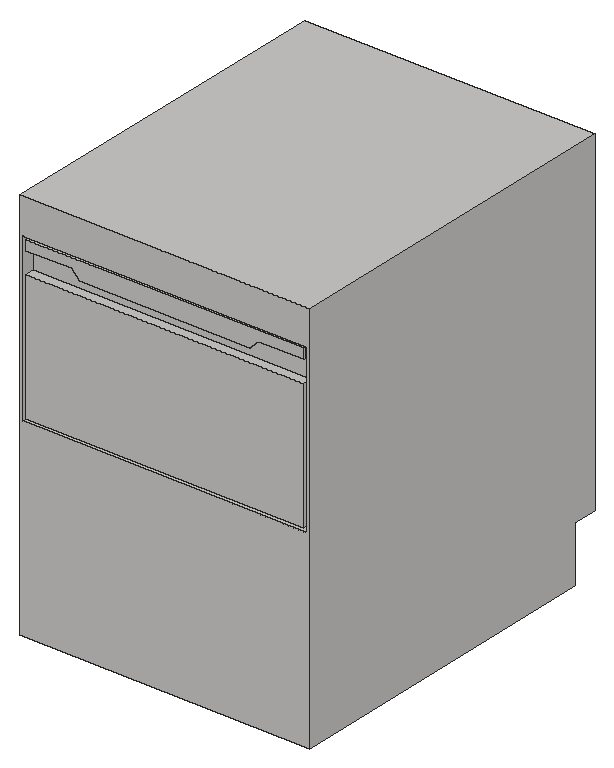
Revit family "QF_ELECTROLUXPROFESSIONAL_402209_ESSICW", category Specialty Equipment, Revit 2018
Family settings
  Round Connector Dimension = Use Diameter
  Part Type = Normal
  Work Plane-Based = No
  Always vertical = Yes
  Cut with Voids When Loaded = No
  Shared = No
  Room Calculation Point = No
Parameters
  Weight = 34.00 kg
  Watts = 0 W
  Volts = 0 V
  URL Manufacturer = ""
  URL = "http://professional.electrolux.com/"
  Steam Supply Size = 0 mm
  Steam Supply Minimum Pressure = 0.0 Pa
  Steam Supply Maximum Pressure = 0.0 Pa
  Steam Pounds per Hour = 0
  Show Logo [instance] = yes
  Show Clearance [instance] = yes
  Refrigeration Suction Line Size = 0 mm
  Refrigeration Liquid Line Size = 0 mm
  Refrigerant Compressor Remote = yes
  Manufacturer = ""
  Phase = 0
  Model = ""
  Length Actual = 460 mm  # constant formula
  Item Number = ""
  Hot Water Size = 0 mm
  Height Actual = 635 mm  # constant formula
  HP = "4.4 HP"
  Gas Size = 0 mm
  Gas KW = 0
  Gas Input Pressure = 0 W
  Direct Waste Size = 22 mm
  Description = ""
  Depth Actual = 565 mm  # constant formula
  Cycle = 0 Hz
  Condensate Return Size = 0 mm
  Compressed Air Volume = 0.0 L/s
  Compressed Air Size = 0 mm
  Compressed Air Pressure = 0.0 Pa
  Cold Water Size = 0 mm
  Accessory = yes
Types (2, lengths in mm): name | Volts | URL Manufacturer | URL | Manufacturer | Phase | Model | Item Number | Description | Cycle | Cold Water Size
  (no name) | 0 V | "" | "http://professional.electrolux.com/" | "" | 0 | "" | "" | "" | 0 Hz | 0
  Standard | 220 V | "http://professional.electrolux.com" | "http://professional.electrolux.com" | "Electrolux Professional" | 1 | "ESSICW" | "402209" | "GLASSWASHER(SHORT S) DOUBLE SKIN, COLD RINSE, WS, 30B/H" | 50 Hz | 19.05
Reference planes
  plane 1 "Center (Front/Back)": y = 0
  plane 2: z = 0
  plane 3 "Center (Left/Right)": x = 0
  plane 4 "LEFT": x = -230
  plane 5 "RIGHT": x = 230
  plane 6 "FRONT": y = -282.5
  plane 7 "BACK": y = 282.5
  plane 8: x = -202.5
  plane 9: x = 202.5
  plane 10: z = 635
  plane 11: z = 10
Forms (mm)
  Extrusion 1, solid, material "QF_Finishes_Stainless Steel"
    sketch origin (0, 0, 0) x (1, 0, 0) y (0, 1, 0)
      loop
        line (-230, -282.5) -> (230, -282.5) -> (230, 243.5) -> (-230, 243.5) -> (-230, -282.5)
    from 10 to 635
  Extrusion 2, solid, material "QF_Finishes_Stainless Steel"
    sketch origin (0, 0, 0) x (1, 0, 0) y (0, 1, 0)
      loop
        line (-230, 243.5) -> (230, 243.5) -> (230, 282.5) -> (-230, 282.5) -> (-230, 243.5)
    from 100 to 635
  Extrusion 3, solid, material "QF_Finishes_Stainless Steel"
    sketch origin (0, 0, 0) x (1, 0, 0) y (0, 1, 0)
      loop
        circle (-202.5, 184.5) r 12.5
      loop
        circle (202.5, 184.5) r 12.5
      loop
        circle (-202.5, -235.5) r 12.5
      loop
        circle (202.5, -235.5) r 12.5
    from 0 to 10
  Extrusion 4, void
    sketch origin (-230, -282.5, 0) x (-1, 0, 0) y (0, 0, 1)
      loop
        line (-5, 578.217) -> (-455, 578.217) -> (-455, 315) -> (-5, 315) -> (-5, 578.217)
    from 0 to 30
  Extrusion 5, solid, material "QF_Finishes_Stainless Steel"
    sketch origin (-288, -392, 738) x (0, 0, -1) y (1, 0, 0)
      loop
        circle (693, 213) r 10
    from -635.5 to -674.5
  Extrusion 6, solid, material "QF_Door-Drawer Clearances", visible <- "Show Clearance", detail levels coarse
    sketch origin (-230, -282.5, 0) x (0, 1, 0) y (0, 0, -1)
      loop
        line (0, -315) -> (-230, -315)
        arc (-230, -315) -> (-165.874, -490.004) -> (0, -575) r 255.719
        line (0, -575) -> (0, -315)
    from -10 to -450
  Extrusion 7, solid, material "QF_Finishes_Stainless Steel"
    sketch origin (-242.481, -392, 738) x (0, 0, -1) y (1, 0, 0)
      loop
        circle (663, 322.481) r 8
    from -635.5 to -674.5
  Extrusion 8, solid, material "QF_Finishes_Stainless Steel"
    sketch origin (-230, -282.5, 0) x (0, 1, 0) y (0, 0, -1)
      loop
        line (0, -320) -> (0, -525) -> (15, -525) -> (15, -575) -> (25, -575) -> (25, -320) -> (0, -320)
    from -10 to -450
  Extrusion 9, solid, material "QF_Finishes_Stainless Steel"
    sketch origin (-230, -282.5, 0) x (0, 1, 0) y (0, 0, -1)
      loop
        line (15, -575) -> (15, -572.514) -> (2.5, -572.514) -> (2.5, -546.25) -> (0, -546.25) -> (0, -575) -> (15, -575)
    from -10 to -450
  Extrusion 10, void
    sketch origin (-230, -282.5, 575) x (0, 0, 1) y (1, 0, 0)
      loop
        line (-15.552, 10) -> (-15.552, 81.607) -> (-28.75, 94.804) -> (-28.75, 10) -> (-15.552, 10)
      loop
        line (-15.552, 450) -> (-28.75, 450) -> (-28.75, 365.196) -> (-15.552, 378.393) -> (-15.552, 450)
    from 0 to 2.5
  Extrusion 11, solid, material "QF_Finishes_Stainless Steel"
    sketch origin (-328, -392, 738) x (0, 0, -1) y (1, 0, 0)
      loop
        circle (663, 228) r 8
    from -635.5 to -674.5
Cuts and joins
  Extrusion 4 cuts Extrusion 1
  joined: Extrusion 1, Extrusion 2
  Extrusion 10 cuts Extrusion 8
  Extrusion 10 cuts Extrusion 9
Lines and regions (mm)
  Split face 1
    outline origin (-230, -282.5, 635) x (0, 0, -1) y (1, 0, 0)
      loop
        line (56.783, 5) -> (42.5, 5) -> (42.5, 67.5) -> (49.142, 74.142) -> (49.142, 385.858) -> (42.5, 392.5) -> (42.5, 455) -> (56.783, 455)
  Split face 2
    outline origin (-230, -282.5, 635) x (0, 0, -1) y (1, 0, 0)
      loop
        line (42.5, 5) -> (5, 5) -> (5, 455) -> (42.5, 455)
  Split face 3
    outline origin (-230, -282.5, 635) x (0, 0, -1) y (1, 0, 0)
      loop
        line (19.683, 178.044) -> (39.683, 178.044) -> (39.683, 218.044) -> (19.683, 218.044) -> (19.683, 178.044)
  symbolic lines
    curve 1: line (-230, 282.5, 0) -> (230, 282.5, 0)
    curve 2: line (-230, -282.5, 0) -> (-230, 282.5, 0)
    curve 3: line (230, -282.5, 0) -> (-230, -282.5, 0)
    curve 4: line (230, 282.5, 0) -> (230, -282.5, 0)
  symbolic lines, style "QF_Door-Drawer Clearances"
    curve 5: line (-220, -512.5, 0) -> (220, -512.5, 0)
    curve 6: line (220, -512.5, 0) -> (220, -282.5, 0)
    curve 7: line (-220, -512.5, 0) -> (-220, -282.5, 0)
  symbolic lines, style "SpecialityEquipmentHiddenLines"
    curve 8: line (-230, 243.5, 0) -> (230, 243.5, 0)
Dimensions and locks
  equal spacing: plane 4 "LEFT", plane 3 "Center (Left/Right)", plane 5 "RIGHT"
  equal spacing: plane 7 "BACK", plane 1 "Center (Front/Back)", plane 6 "FRONT"
  plane 7 "BACK" to plane 6 "FRONT" = 565 mm
  plane 4 "LEFT" to plane 5 "RIGHT" = 460 mm
  plane 4 "LEFT" to plane 8 = 27.5 mm
  plane 9 to plane 5 "RIGHT" = 27.5 mm
  locked: plane 11 to level at 10
  plane 4 "LEFT" to plane 3 "Center (Left/Right)" = 230 mm
  plane 10 to level = 635 mm  (x2)
  plane 8 to plane 9 = 405 mm
  level to Extrusion 11 sketch curve = 75 mm
  Extrusion 11 sketch curve to plane 4 "LEFT" = 130 mm
  level to Extrusion 5 sketch curve = 45 mm
  Extrusion 5 sketch curve to plane 4 "LEFT" = 155 mm
  Extrusion 7 sketch curve to plane 4 "LEFT" = 310 mm
  level to Extrusion 7 sketch curve = 75 mm
  locked: Extrusion 3 to cut or joined group of Extrusion 1, Extrusion 2, Extrusion 4 at 98
  Extrusion 3 to Extrusion 3 = 420 mm
  locked: plane 6 "FRONT" to Extrusion 3 at 47
  plane 9 to plane 8 = 405 mm
  plane 7 "BACK" to curve 5 = 795 mm
  cut or joined group of Extrusion 8, Extrusion 10 to cut or joined group of Extrusion 1, Extrusion 2, Extrusion 4 = 210 mm
  aligned and locked: level to plane 2
  aligned and locked: Extrusion 1 sketch curve to plane 6 "FRONT"
  aligned and locked: Extrusion 1 sketch curve to plane 4 "LEFT"
  aligned and locked: plane 5 "RIGHT" to Extrusion 1 sketch curve
  aligned and locked: Extrusion 1 to plane 11
  aligned and locked: Extrusion 2 sketch curve to Extrusion 1  (x2)
  aligned and locked: plane 7 "BACK" to Extrusion 2 sketch curve
  aligned and locked: plane 5 "RIGHT" to Extrusion 2 sketch curve
  aligned and locked: plane 11 to Extrusion 3
  aligned and locked: Extrusion 2 to Extrusion 5
  aligned and locked: Extrusion 2 to Extrusion 7
  aligned and locked: plane 7 "BACK" to Extrusion 7
  aligned and locked: plane 7 "BACK" to Extrusion 5
  aligned and locked: cut or joined group of Extrusion 9, Extrusion 10 to Extrusion 10
  aligned and locked: plane 10 to Extrusion 2
Automatic sketch dimensions
  curve 1 to plane 4 "LEFT" = 0 mm
  curve 7 to plane 6 "FRONT" = 0 mm
  curve 4 to plane 5 "RIGHT" = 0 mm
  curve 2 to plane 7 "BACK" = 0 mm
  plane 4 "LEFT" to curve 5 = 10 mm
  curve 6 to plane 5 "RIGHT" = 10 mm
  curve 8 to plane 7 "BACK" = 39 mm
  Extrusion 1 sketch curve to plane 7 "BACK" = 39 mm
  Extrusion 3 sketch curve to plane 8 = 0 mm  (x2)
  Extrusion 3 sketch curve to plane 9 = 0 mm  (x2)
  plane 6 "FRONT" to Extrusion 3 sketch curve = 47 mm  (x2)
  Extrusion 3 sketch curve to plane 7 "BACK" = 98 mm  (x2)
  Extrusion 4 sketch curve to Extrusion 1 = 5 mm  (x2)
  Extrusion 4 sketch curve to Extrusion 1 = 305 mm
  Extrusion 4 sketch curve to Extrusion 1 = 56.783 mm
  Extrusion 8 sketch curve to plane 6 "FRONT" = 0 mm
  plane 6 "FRONT" to Extrusion 8 sketch curve = 15 mm
  Extrusion 8 sketch curve to Extrusion 8 sketch curve = 25 mm
  Extrusion 8 sketch curve to plane 10 = 60 mm
  Extrusion 8 sketch curve to Extrusion 8 sketch curve = 50 mm
  Extrusion 8 sketch curve to Extrusion 8 sketch curve = 205 mm
  Extrusion 9 sketch curve to plane 6 "FRONT" = 0 mm
  Extrusion 9 sketch curve to Extrusion 9 sketch curve = 2.5 mm
  Extrusion 9 sketch curve to Extrusion 9 sketch curve = 12.5 mm
  Extrusion 9 sketch curve to plane 10 = 60 mm
  Extrusion 9 sketch curve to Extrusion 9 sketch curve = 2.486 mm
  Extrusion 9 sketch curve to Extrusion 9 sketch curve = 26.264 mm
  Extrusion 10 sketch curve to Extrusion 9 = 0 mm  (x3)
  Extrusion 9 to Extrusion 10 sketch curve = 0 mm
  Extrusion 10 sketch curve to Extrusion 9 = 13.198 mm  (x2)
  Extrusion 10 sketch curve to Extrusion 9 = 71.607 mm
  Extrusion 10 sketch curve to Extrusion 10 sketch curve = 13.198 mm  (x2)
  Extrusion 10 sketch curve to Extrusion 9 = 84.804 mm
  Extrusion 6 sketch curve to plane 6 "FRONT" = 0 mm
  Extrusion 6 sketch curve to plane 6 "FRONT" = 230 mm
  plane 6 "FRONT" to Extrusion 6 sketch curve = 25.658 mm
  Extrusion 6 sketch curve to plane 10 = 60 mm
  Extrusion 6 sketch curve to Extrusion 6 sketch curve = 254.429 mm
  Split face 1 sketch curve to cut or joined group of Extrusion 1, Extrusion 2, Extrusion 4 = 0 mm  (x4)
  cut or joined group of Extrusion 1, Extrusion 2, Extrusion 4 to Split face 1 sketch curve = 7.641 mm
  Split face 1 sketch curve to Split face 1 sketch curve = 6.642 mm  (x4)
  Split face 1 sketch curve to Split face 1 sketch curve = 62.5 mm
  Split face 1 sketch curve to cut or joined group of Extrusion 1, Extrusion 2, Extrusion 4 = 69.142 mm
  Split face 2 sketch curve to cut or joined group of Extrusion 1, Extrusion 2, Extrusion 4 = 0 mm  (x2)
  Split face 2 sketch curve to cut or joined group of Extrusion 1, Extrusion 2, Extrusion 4 = 5 mm
  cut or joined group of Extrusion 1, Extrusion 2, Extrusion 4 to Split face 2 sketch curve = 14.283 mm  (x2)
  Split face 3 sketch curve to cut or joined group of Extrusion 1, Extrusion 2, Extrusion 4 = 19.683 mm
  cut or joined group of Extrusion 1, Extrusion 2, Extrusion 4 to Split face 3 sketch curve = 17.1 mm
  Split face 3 sketch curve to cut or joined group of Extrusion 1, Extrusion 2, Extrusion 4 = 173.044 mm
  Split face 3 sketch curve to Split face 3 sketch curve = 40 mm
  radius of Extrusion 5 sketch curve = 10 mm
  radius of Extrusion 7 sketch curve = 8 mm
  radius of Extrusion 11 sketch curve = 8 mm
  radius of Extrusion 3 sketch curve = 12.5 mm  (x4)
Connectors
  piping at (-75, 282.5, 45), diameter 20
    settings: on Extrusion 5, index 1, connector inside diameter 609.6 mm, connector length 0 mm, flow factor 0, pipe flow 0.0 L/s, pressure drop 0.0 Pa, fitting loss kfactor 0, connector angle 0.00°, fixture units 0, engagement length 0 mm, angle of deflection 0.00°, flow configuration 1, flow direction 1, fitting loss method 0, system type 16, joint type 0, gender type 0, connector reference index -1, connector utility 0, adjustable connector no, is connector primary yes, connector description "Drain"
  piping at (80, 282.5, 75), driven by "Cold Water Size"
    settings: on Extrusion 7, index 3, connector diameter 0 mm, connector inside diameter 609.6 mm, connector length 0 mm, flow factor 0, pipe flow 0.0 L/s, pressure drop 0.0 Pa, fitting loss kfactor 0, connector angle 0.00°, fixture units 0, engagement length 0 mm, angle of deflection 0.00°, flow configuration 1, flow direction 1, fitting loss method 0, system type 20, joint type 0, gender type 0, connector reference index -1, connector utility 0, adjustable connector no, is connector primary no, connector description "Cold Water Inlet"
  electrical at (-100, 282.5, 75), driven by "Volts"
    settings: on Extrusion 11, index 4, voltage 0 V, apparent load 0 VA, apparent load phase1 0 VA, apparent load phase2 0 VA, apparent load phase3 0 VA, power factor 1, load classification "Altro", number of poles 1, system type 31, power factor state 1, is connector primary yes, connector utility no, sub classification motor no, connector description "Electrical Connection"
